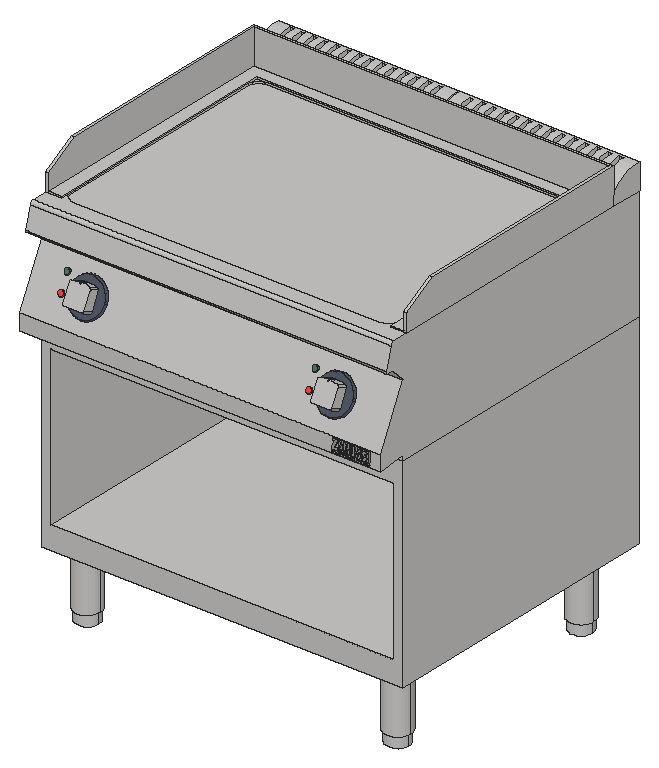
Revit family "QF_ZANUSSI_372324_Z7IIKABLMEA", category Specialty Equipment, Revit 2018
Family settings
  Round Connector Dimension = Use Diameter
  Part Type = Normal
  Work Plane-Based = No
  Always vertical = Yes
  Cut with Voids When Loaded = No
  Shared = No
  Room Calculation Point = No
Parameters (values of type "Standard")
  Weight = 80.00 kg
  Watts = 0 W
  Volts = 0 V
  URL Manufacturer = "http://www.zanussiprofessional.com"
  URL = "http://www.zanussiprofessional.com"
  Steam Supply Size = 0"
  Steam Supply Minimum Pressure = 0.00 psi
  Steam Supply Maximum Pressure = 0.00 psi
  Steam Pounds per Hour = 0
  Show Logo [instance] = yes
  Show Clearance [instance] = yes
  Refrigeration Suction Line Size = 0"
  Refrigeration Liquid Line Size = 0"
  Refrigerant Compressor Remote = yes
  Phase = 0
  Model = "Z7IIKABLMEA"
  Manufacturer = "Zanussi"
  Length Actual = 800 mm  # constant formula
  Item Number = "372324"
  Hot Water Size = 0"
  Height Actual = 850 mm  # constant formula
  HP = "0 HP"
  Gas Size = 1/2"
  Gas KW = 14
  Gas Input Pressure = 0.469158 Btu/h
  Direct Waste Size = 0"
  Description = "GAS FRY TOP-SMOOTH PLATE+OPEN BASE 800MM-BRUSHED CHROME"
  Depth Actual = 700 mm  # constant formula
  Cycle = 0 Hz
  Condensate Return Size = 0"
  Compressed Air Volume = 0 GPM
  Compressed Air Size = 0"
  Compressed Air Pressure = 0.00 psi
  Cold Water Size = 0"
  Assembly Code = ""
  Accessory = yes
Reference planes
  plane 1 "BACK": y = 0
  plane 2: z = 0
  plane 3 "LEFT": x = 0
  plane 4 "RIGHT": x = 800
  plane 5 "FRONT": y = -716
  plane 6 "TOP": z = 288.925
  plane 7 "Center Y": x = 400
  plane 8 "Center X": y = -358
  plane 9 "BASE": z = 600
  plane 10 "TOP A": z = 850
  plane 11: y = -597.884
  plane 12: y = -147.637
  plane 13: y = -700
  plane 14 "panel": through (-6096, -715, 65.146) normal (0, 0.8956, -0.4448)
  plane 15: z = 930
  plane 16: z = 850
  plane 17: z = 149
  plane 18: x = 748
  plane 19: y = -29
  plane 20: y = -506
Forms (mm)
  Extrusion 1, solid, material "QF_Finishes_Stainless Steel"
    sketch origin (0, 0, 576) x (0, 1, 0) y (0, 0, 1)
      loop
        line (0, 24) -> (0, 274) -> (-679.358, 274)
        arc (-679.358, 274) -> (-684.643, 271.811) -> (-686.833, 266.526) r 7.474
        line (-686.833, 266.526) -> (-699.884, 221.011)
        arc (-699.884, 221.011) -> (-699.396, 218.379) -> (-697, 217.184) r 3
        line (-697, 217.184) -> (-686.802, 217.184) -> (-654.982, 185.364) -> (-716, 64.508) -> (-716, 29.508) -> (-658.645, 37.428)
        arc (-658.645, 37.428) -> (-656.101, 36.674) -> (-655, 34.259) r 3.2
        line (-655, 34.259) -> (-655, 24) -> (0, 24)
    from 0 to 800
  Extrusion 2, void
    sketch origin (0, -2.381, 850) x (-1, 0, 0) y (0, -1, 0)
      loop
        arc (-60.425, 102.504) -> (-42.464, 109.943) -> (-35.025, 127.904) r 25.4
        line (-35.025, 127.904) -> (-35.025, 617.104)
        arc (-35.025, 617.104) -> (-42.464, 635.064) -> (-60.425, 642.504) r 25.4
        line (-60.425, 642.504) -> (-739.575, 642.504)
        arc (-739.575, 642.504) -> (-757.536, 635.064) -> (-764.975, 617.104) r 25.4
        line (-764.975, 617.104) -> (-764.975, 127.904)
        arc (-764.975, 127.904) -> (-757.536, 109.943) -> (-739.575, 102.504) r 25.4
        line (-739.575, 102.504) -> (-60.425, 102.504)
    from 0 to -3.2
  Extrusion 3, solid, material "QF_Finishes_Clearance", visible <- "Show Clearance", detail levels coarse
    sketch origin (0, 0, 576) x (1, 0, 0) y (0, 1, 0)
      loop
        line (0, -716) -> (0, 0) -> (800, 0) -> (800, -716) -> (900, -716) -> (900, 100) -> (-100, 100) -> (-100, -716) -> (0, -716)
    from -576 to 354
  Sweep 4, solid, material "QF_Finishes_Stainless Steel"
    path origin (0, -2.381, 850) x (-1, 0, 0) y (0, -1, 0)
      loop
        line (-764.975, 642.504) -> (-764.975, 102.504) -> (-35.025, 102.504) -> (-35.025, 642.504)
    profile origin (35.025, -374.885, 850) x (1, 0, 0) y (0, 0, 1)
      loop
        line (-35.025, 0) -> (0, 0) -> (0, 3.175) -> (-28.675, 3.175) -> (-28.675, 80) -> (-35.025, 80) -> (-35.025, 0)
  Extrusion 5, void
    sketch origin (0, -69.86, 850) x (0, 1, 0) y (0, 0, 1)
      loop
        line (-575.025, 40.119) -> (-501.995, 80) -> (-575.025, 80) -> (-575.025, 40.119)
    from 0 to 6.35
  Extrusion 6, void
    sketch origin (800, -644.885, 850) x (0, -1, 0) y (0, 0, 1)
      loop
        line (0, 40.119) -> (0, 80) -> (-73.03, 80) -> (0, 40.119)
    from 0 to 6.35
  Extrusion 7, solid, material "QF_Finishes_Stainless Steel"
    sketch origin (0, 0, 576) x (0, 1, 0) y (0, 0, 1)
      loop
        line (0, 274) -> (0, 331.492)
        arc (0, 331.492) -> (-38.8, 324.37) -> (-69.85, 300.038) r 82.447
        line (-69.85, 300.038) -> (-69.85, 274) -> (0, 274)
    from 0 to 400.05
  Extrusion 8, void
    sketch origin (0, 0, 850.638) x (0, -1, 0) y (1, 0, 0)
      loop
        line (6.761, 29.703) -> (63.911, 29.703) -> (63.911, 38.999) -> (6.761, 38.999) -> (6.761, 29.703)
      loop
        line (63.911, 64.487) -> (6.761, 64.487) -> (6.761, 55.191) -> (63.911, 55.191) -> (63.911, 64.487)
      loop
        line (63.911, 89.975) -> (6.761, 89.975) -> (6.761, 80.68) -> (63.911, 80.68) -> (63.911, 89.975)
      loop
        line (63.911, 115.464) -> (6.761, 115.464) -> (6.761, 106.168) -> (63.911, 106.168) -> (63.911, 115.464)
      loop
        line (63.911, 140.952) -> (6.761, 140.952) -> (6.761, 131.656) -> (63.911, 131.656) -> (63.911, 140.952)
      loop
        line (63.911, 166.44) -> (6.761, 166.44) -> (6.761, 157.145) -> (63.911, 157.145) -> (63.911, 166.44)
      loop
        line (63.911, 191.929) -> (6.761, 191.929) -> (6.761, 182.633) -> (63.911, 182.633) -> (63.911, 191.929)
      loop
        line (63.911, 217.417) -> (6.761, 217.417) -> (6.761, 208.121) -> (63.911, 208.121) -> (63.911, 217.417)
      loop
        line (63.911, 242.905) -> (6.761, 242.905) -> (6.761, 233.61) -> (63.911, 233.61) -> (63.911, 242.905)
      loop
        line (63.911, 268.394) -> (6.761, 268.394) -> (6.761, 259.098) -> (63.911, 259.098) -> (63.911, 268.394)
      loop
        line (63.911, 293.882) -> (6.761, 293.882) -> (6.761, 284.586) -> (63.911, 284.586) -> (63.911, 293.882)
      loop
        line (63.911, 319.37) -> (6.761, 319.37) -> (6.761, 310.075) -> (63.911, 310.075) -> (63.911, 319.37)
      loop
        line (63.911, 344.859) -> (6.761, 344.859) -> (6.761, 335.563) -> (63.911, 335.563) -> (63.911, 344.859)
      loop
        line (63.911, 370.347) -> (6.761, 370.347) -> (6.761, 361.051) -> (63.911, 361.051) -> (63.911, 370.347)
    from 25.4 to 63.5
  Extrusion 9, solid, material "QF_Finishes_Stainless Steel"
    sketch origin (400.05, 0, 576) x (0, 1, 0) y (0, 0, 1)
      loop
        line (0, 274) -> (0, 331.492)
        arc (0, 331.492) -> (-38.8, 324.37) -> (-69.85, 300.038) r 82.447
        line (-69.85, 300.038) -> (-69.85, 274) -> (0, 274)
    from 0 to 400.05
  Extrusion 10, void
    sketch origin (400.05, 0, 850.638) x (0, -1, 0) y (1, 0, 0)
      loop
        line (6.761, 29.653) -> (63.911, 29.653) -> (63.911, 38.949) -> (6.761, 38.949) -> (6.761, 29.653)
      loop
        line (63.911, 64.437) -> (6.761, 64.437) -> (6.761, 55.141) -> (63.911, 55.141) -> (63.911, 64.437)
      loop
        line (63.911, 89.925) -> (6.761, 89.925) -> (6.761, 80.63) -> (63.911, 80.63) -> (63.911, 89.925)
      loop
        line (63.911, 115.414) -> (6.761, 115.414) -> (6.761, 106.118) -> (63.911, 106.118) -> (63.911, 115.414)
      loop
        line (63.911, 140.902) -> (6.761, 140.902) -> (6.761, 131.606) -> (63.911, 131.606) -> (63.911, 140.902)
      loop
        line (63.911, 166.39) -> (6.761, 166.39) -> (6.761, 157.095) -> (63.911, 157.095) -> (63.911, 166.39)
      loop
        line (63.911, 191.879) -> (6.761, 191.879) -> (6.761, 182.583) -> (63.911, 182.583) -> (63.911, 191.879)
      loop
        line (63.911, 217.367) -> (6.761, 217.367) -> (6.761, 208.071) -> (63.911, 208.071) -> (63.911, 217.367)
      loop
        line (63.911, 242.855) -> (6.761, 242.855) -> (6.761, 233.56) -> (63.911, 233.56) -> (63.911, 242.855)
      loop
        line (63.911, 268.344) -> (6.761, 268.344) -> (6.761, 259.048) -> (63.911, 259.048) -> (63.911, 268.344)
      loop
        line (63.911, 293.832) -> (6.761, 293.832) -> (6.761, 284.536) -> (63.911, 284.536) -> (63.911, 293.832)
      loop
        line (63.911, 319.32) -> (6.761, 319.32) -> (6.761, 310.025) -> (63.911, 310.025) -> (63.911, 319.32)
      loop
        line (63.911, 344.809) -> (6.761, 344.809) -> (6.761, 335.513) -> (63.911, 335.513) -> (63.911, 344.809)
      loop
        line (63.911, 370.297) -> (6.761, 370.297) -> (6.761, 361.001) -> (63.911, 361.001) -> (63.911, 370.297)
    from 25.4 to 63.5
  Blend 11, solid, material "QF_Finishes_Navy Blue"
    base sketch origin (675, -684.991, 701.574) x (1, 0, 0) y (0, 0.444781, 0.895639)
      loop
        circle (0, 0) r 42.5
    top sketch origin (675, -684.991, 701.574) x (1, 0, 0) y (0, 0.444781, 0.895639)
      loop
        circle (0, 0) r 40.5
    from 0 to 5
  Extrusion 12, solid, material "QF_Finishes_Stainless Steel"
    sketch origin (675, -684.991, 701.574) x (1, 0, 0) y (0, 0.444781, 0.895639)
      loop
        arc (-21.147, 22.789) -> (-22.494, 21.685) -> (-23, 20.019) r 2.997
        line (-23, 20.019) -> (-23, -20.019)
        arc (-23, -20.019) -> (-22.122, -22.138) -> (-20.003, -23.016) r 2.997
        line (-20.003, -23.016) -> (20.003, -23.016)
        arc (20.003, -23.016) -> (22.122, -22.138) -> (23, -20.019) r 2.997
        line (23, -20.019) -> (23, 20.019)
        arc (23, 20.019) -> (22.494, 21.685) -> (21.147, 22.789) r 2.997
        arc (21.147, 22.789) -> (0, 26.984) -> (-21.147, 22.789) r 55.4
    from 10 to 34
  Extrusion 13, solid, material "QF_Plastic-Black-Matte"
    sketch origin (755, -684.991, 701.574) x (0, 0.444781, 0.895639) y (0, -0.895639, 0.444781)
      loop
        line (26.984, 34) -> (26.984, 19) -> (27.984, 19) -> (27.984, 34)
        arc (27.984, 34) -> (27.691, 34.707) -> (26.984, 35) r 1
        line (26.984, 35) -> (23.984, 35) -> (23.984, 34) -> (26.984, 34)
    from -81 to -79
  Extrusion 14, solid, material "QF_Finishes_Red"
    sketch origin (675, -689.439, 692.617) x (1, 0, 0) y (0, 0.444781, 0.895639)
      loop
        circle (-55.001, 0) r 6
    from 0 to 1.6
  Extrusion 15, solid, material "QF_Finishes_Stainless Steel"
    sketch origin (675, -684.991, 701.574) x (1, 0, 0) y (0, 0.444781, 0.895639)
      loop
        line (17.5, 17.5) -> (-17.5, 17.5) -> (-17.5, -17.5) -> (17.5, -17.5) -> (17.5, 17.5)
    from 5 to 10
  Extrusion 16, solid, material "QF_Finishes_DarkGreen"
    sketch origin (675, -671.648, 728.443) x (1, 0, 0) y (0, 0.444781, 0.895639)
      loop
        circle (-55.001, 0) r 6
    from 0 to 1.6
  Blend 17, solid, material "QF_Finishes_Navy Blue"
    base sketch origin (125, -684.991, 701.574) x (1, 0, 0) y (0, 0.444781, 0.895639)
      loop
        circle (0, 0) r 42.5
    top sketch origin (125, -684.991, 701.574) x (1, 0, 0) y (0, 0.444781, 0.895639)
      loop
        circle (0, 0) r 40.5
    from 0 to 5
  Extrusion 18, solid, material "QF_Finishes_Stainless Steel"
    sketch origin (125, -684.991, 701.574) x (1, 0, 0) y (0, 0.444781, 0.895639)
      loop
        arc (-21.147, 22.789) -> (-22.494, 21.685) -> (-23, 20.019) r 2.997
        line (-23, 20.019) -> (-23, -20.019)
        arc (-23, -20.019) -> (-22.122, -22.138) -> (-20.003, -23.016) r 2.997
        line (-20.003, -23.016) -> (20.003, -23.016)
        arc (20.003, -23.016) -> (22.122, -22.138) -> (23, -20.019) r 2.997
        line (23, -20.019) -> (23, 20.019)
        arc (23, 20.019) -> (22.494, 21.685) -> (21.147, 22.789) r 2.997
        arc (21.147, 22.789) -> (0, 26.984) -> (-21.147, 22.789) r 55.4
    from 10 to 34
  Extrusion 19, solid, material "QF_Plastic-Black-Matte"
    sketch origin (205, -684.991, 701.574) x (0, 0.444781, 0.895639) y (0, -0.895639, 0.444781)
      loop
        line (26.984, 34) -> (26.984, 19) -> (27.984, 19) -> (27.984, 34)
        arc (27.984, 34) -> (27.691, 34.707) -> (26.984, 35) r 1
        line (26.984, 35) -> (23.984, 35) -> (23.984, 34) -> (26.984, 34)
    from -81 to -79
  Extrusion 20, solid, material "QF_Finishes_Red"
    sketch origin (125, -689.439, 692.617) x (1, 0, 0) y (0, 0.444781, 0.895639)
      loop
        circle (-55.001, 0) r 6
    from 0 to 1.6
  Extrusion 21, solid, material "QF_Finishes_Stainless Steel"
    sketch origin (125, -684.991, 701.574) x (1, 0, 0) y (0, 0.444781, 0.895639)
      loop
        line (17.5, 17.5) -> (-17.5, 17.5) -> (-17.5, -17.5) -> (17.5, -17.5) -> (17.5, 17.5)
    from 5 to 10
  Extrusion 22, solid, material "QF_Finishes_DarkGreen"
    sketch origin (125, -671.648, 728.443) x (1, 0, 0) y (0, 0.444781, 0.895639)
      loop
        circle (-55.001, 0) r 6
    from 0 to 1.6
  Extrusion 23, solid, material "QF_Finishes_Stainless Steel"
    sketch origin (0, 0, 0) x (1, 0, 0) y (0, 1, 0)
      loop
        line (0, 0) -> (0, -655) -> (800, -655) -> (800, 0) -> (0, 0)
    from 149 to 600
  Extrusion 24, void
    sketch origin (830.077, -655, 0) x (1, 0, 0) y (0, 0, -1)
      loop
        line (-810.077, -199) -> (-810.077, -550) -> (-50.077, -550) -> (-50.077, -199) -> (-810.077, -199)
    from 0 to 507.362
  Extrusion 25, solid, material "QF_Finishes_Stainless Steel"
    sketch origin (0, 0, 139) x (1, 0, 0) y (0, 1, 0)
      loop
        circle (748, -506) r 10
    from 0 to 10
Cuts and joins
  Extrusion 2 cuts Extrusion 1
  Extrusion 5, Extrusion 6 cuts Sweep 4
  Extrusion 8 cuts Extrusion 7
  Extrusion 10 cuts Extrusion 9
  Extrusion 24 cuts Extrusion 23
Lines and regions (mm)
  Split face 1
    outline origin (676.664, -684.796, 713.208) x (1, 0, 0) y (0, 0.444781, 0.895639)
      loop
        circle (-34, 0) r 1.5
  Split face 2
    outline origin (673.297, -687.581, 707.6) x (1, 0, 0) y (0, 0.444781, 0.895639)
      loop
        circle (-30.633, -14.752) r 1.5
  Split face 3
    outline origin (676.214, -689.88, 702.97) x (1, 0, 0) y (0, 0.444781, 0.895639)
      loop
        circle (-21.199, -26.582) r 1.5
  Split face 4
    outline origin (682.566, -689.848, 703.034) x (1, 0, 0) y (0, 0.444781, 0.895639)
      loop
        circle (-7.566, -33.148) r 1.5
  Split face 5
    outline origin (687.419, -686.96, 708.85) x (1, 0, 0) y (0, 0.444781, 0.895639)
      loop
        circle (7.566, -33.148) r 1.5
  Split face 6
    outline origin (686.137, -682.319, 718.196) x (1, 0, 0) y (0, 0.444781, 0.895639)
      loop
        circle (21.199, -26.582) r 1.5
  Split face 7
    outline origin (676.5, -678.264, 726.361) x (1, 0, 0) y (0, 0.444781, 0.895639)
      loop
        circle (30.633, -14.752) r 1.5
  Split face 8
    outline origin (660.985, -677.235, 728.433) x (1, 0, 0) y (0, 0.444781, 0.895639)
      loop
        circle (34, 0) r 1.5
  Split face 9
    outline origin (675, -689.469, 703.797) x (1, 0, 0) y (0, 0.444781, 0.895639)
      loop
        circle (0, 33.561) r 1.5
  Split face 10
    outline origin (126.664, -684.796, 713.208) x (1, 0, 0) y (0, 0.444781, 0.895639)
      loop
        circle (-34, 0) r 1.5
  Split face 11
    outline origin (123.297, -687.581, 707.6) x (1, 0, 0) y (0, 0.444781, 0.895639)
      loop
        circle (-30.633, -14.752) r 1.5
  Split face 12
    outline origin (126.214, -689.88, 702.97) x (1, 0, 0) y (0, 0.444781, 0.895639)
      loop
        circle (-21.199, -26.582) r 1.5
  Split face 13
    outline origin (132.566, -689.848, 703.034) x (1, 0, 0) y (0, 0.444781, 0.895639)
      loop
        circle (-7.566, -33.148) r 1.5
  Split face 14
    outline origin (137.419, -686.96, 708.85) x (1, 0, 0) y (0, 0.444781, 0.895639)
      loop
        circle (7.566, -33.148) r 1.5
  Split face 15
    outline origin (136.137, -682.319, 718.196) x (1, 0, 0) y (0, 0.444781, 0.895639)
      loop
        circle (21.199, -26.582) r 1.5
  Split face 16
    outline origin (126.5, -678.264, 726.361) x (1, 0, 0) y (0, 0.444781, 0.895639)
      loop
        circle (30.633, -14.752) r 1.5
  Split face 17
    outline origin (110.985, -677.235, 728.433) x (1, 0, 0) y (0, 0.444781, 0.895639)
      loop
        circle (34, 0) r 1.5
  Split face 18
    outline origin (125, -689.469, 703.797) x (1, 0, 0) y (0, 0.444781, 0.895639)
      loop
        circle (0, 33.561) r 1.5
  symbolic lines, style "QF-Clearances", visible <- "Show Clearance", detail levels coarse
    curve 1: line (-100, 100, 850) -> (-100, -716, 850)
    curve 2: line (900, 100, 850) -> (-100, 100, 850)
    curve 3: line (900, -717.377, 850) -> (900, 100, 850)
  symbolic lines
    curve 4: line (0, 0, 850) -> (800, 0, 850)
    curve 5: line (0, -716, 850) -> (0, 0, 850)
    curve 6: line (800, 0, 850) -> (800, -716, 850)
    curve 7: line (35.025, -104.885, 850) -> (35.025, -644.885, 850)
    curve 8: arc (35.025, -619.485, 850) -> (42.464, -637.445, 850) -> (60.425, -644.885, 850) r 25.4
    curve 9: line (0, -644.885, 850) -> (35.025, -644.885, 850)
    curve 10: arc (739.215, -644.885, 850) -> (757.736, -637.213, 850) -> (765.407, -618.692, 850) r 26.193
    curve 11: line (765.407, -644.885, 850) -> (765.407, -104.885, 850)
    curve 12: line (765.407, -104.885, 850) -> (35.025, -104.885, 850)
    curve 13: line (0, -69.85, 850) -> (800, -69.85, 850)
    curve 14: arc (64.125, -104.885, 850) -> (43.548, -113.408, 850) -> (35.025, -133.985, 850) r 29.1
    curve 15: arc (739.863, -104.885, 850) -> (757.926, -112.367, 850) -> (765.407, -130.429, 850) r 25.544
    curve 16: line (6.35, -76.21, 850) -> (6.35, -644.885, 850)
    curve 17: line (6.35, -76.21, 850) -> (793.65, -76.21, 850)
    curve 18: line (793.65, -76.21, 850) -> (793.65, -644.885, 850)
    curve 19: line (765.407, -644.885, 850) -> (800, -644.885, 850)
    curve 20: line (60.425, -644.885, 850) -> (739.215, -644.885, 850)
    curve 21: line (0, 0, 274.638) -> (800, 0, 274.638)
    curve 22: line (0, -69.85, 274.638) -> (800, -69.85, 274.638)
    curve 23: line (29.703, -6.761, 0) -> (38.999, -6.761, 0)
    curve 24: line (29.703, -63.911, 0) -> (29.703, -6.761, 0)
    curve 25: line (38.999, -63.911, 0) -> (29.703, -63.911, 0)
    curve 26: line (38.999, -6.761, 0) -> (38.999, -63.911, 0)
    curve 27: line (55.191, -6.761, 0) -> (64.487, -6.761, 0)
    curve 28: line (55.191, -63.911, 0) -> (55.191, -6.761, 0)
    curve 29: line (64.487, -63.911, 0) -> (55.191, -63.911, 0)
    curve 30: line (64.487, -6.761, 0) -> (64.487, -63.911, 0)
    curve 31: line (80.68, -6.761, 0) -> (89.975, -6.761, 0)
    curve 32: line (80.68, -63.911, 0) -> (80.68, -6.761, 0)
    curve 33: line (89.975, -63.911, 0) -> (80.68, -63.911, 0)
    curve 34: line (89.975, -6.761, 0) -> (89.975, -63.911, 0)
    curve 35: line (106.168, -6.761, 0) -> (115.464, -6.761, 0)
    curve 36: line (106.168, -63.911, 0) -> (106.168, -6.761, 0)
    curve 37: line (115.464, -63.911, 0) -> (106.168, -63.911, 0)
    curve 38: line (115.464, -6.761, 0) -> (115.464, -63.911, 0)
    curve 39: line (131.656, -6.761, 0) -> (140.952, -6.761, 0)
    curve 40: line (131.656, -63.911, 0) -> (131.656, -6.761, 0)
    curve 41: line (140.952, -63.911, 0) -> (131.656, -63.911, 0)
    curve 42: line (140.952, -6.761, 0) -> (140.952, -63.911, 0)
    curve 43: line (157.145, -6.761, 0) -> (166.44, -6.761, 0)
    curve 44: line (157.145, -63.911, 0) -> (157.145, -6.761, 0)
    curve 45: line (166.44, -63.911, 0) -> (157.145, -63.911, 0)
    curve 46: line (166.44, -6.761, 0) -> (166.44, -63.911, 0)
    curve 47: line (182.633, -6.761, 0) -> (191.929, -6.761, 0)
    curve 48: line (182.633, -63.911, 0) -> (182.633, -6.761, 0)
    curve 49: line (191.929, -63.911, 0) -> (182.633, -63.911, 0)
    curve 50: line (191.929, -6.761, 0) -> (191.929, -63.911, 0)
    curve 51: line (208.121, -6.761, 0) -> (217.417, -6.761, 0)
    curve 52: line (208.121, -63.911, 0) -> (208.121, -6.761, 0)
    curve 53: line (217.417, -63.911, 0) -> (208.121, -63.911, 0)
    curve 54: line (217.417, -6.761, 0) -> (217.417, -63.911, 0)
    curve 55: line (233.61, -6.761, 0) -> (242.905, -6.761, 0)
    curve 56: line (233.61, -63.911, 0) -> (233.61, -6.761, 0)
    curve 57: line (242.905, -63.911, 0) -> (233.61, -63.911, 0)
    curve 58: line (242.905, -6.761, 0) -> (242.905, -63.911, 0)
    curve 59: line (259.098, -6.761, 0) -> (268.394, -6.761, 0)
    curve 60: line (259.098, -63.911, 0) -> (259.098, -6.761, 0)
    curve 61: line (268.394, -63.911, 0) -> (259.098, -63.911, 0)
    curve 62: line (268.394, -6.761, 0) -> (268.394, -63.911, 0)
    curve 63: line (284.586, -6.761, 0) -> (293.882, -6.761, 0)
    curve 64: line (284.586, -63.911, 0) -> (284.586, -6.761, 0)
    curve 65: line (293.882, -63.911, 0) -> (284.586, -63.911, 0)
    curve 66: line (293.882, -6.761, 0) -> (293.882, -63.911, 0)
    curve 67: line (310.075, -6.761, 0) -> (319.37, -6.761, 0)
    curve 68: line (310.075, -63.911, 0) -> (310.075, -6.761, 0)
    curve 69: line (319.37, -63.911, 0) -> (310.075, -63.911, 0)
    curve 70: line (319.37, -6.761, 0) -> (319.37, -63.911, 0)
    curve 71: line (335.563, -6.761, 0) -> (344.859, -6.761, 0)
    curve 72: line (335.563, -63.911, 0) -> (335.563, -6.761, 0)
    curve 73: line (344.859, -63.911, 0) -> (335.563, -63.911, 0)
    curve 74: line (344.859, -6.761, 0) -> (344.859, -63.911, 0)
    curve 75: line (361.051, -6.761, 0) -> (370.347, -6.761, 0)
    curve 76: line (361.051, -63.911, 0) -> (361.051, -6.761, 0)
    curve 77: line (370.347, -63.911, 0) -> (361.051, -63.911, 0)
    curve 78: line (370.347, -6.761, 0) -> (370.347, -63.911, 0)
    curve 79: line (400, 0, 0) -> (400, -69.85, 0)
    curve 80: line (770.347, -6.761, 0) -> (761.051, -6.761, 0)
    curve 81: line (770.347, -63.911, 0) -> (770.347, -6.761, 0)
    curve 82: line (761.051, -63.911, 0) -> (770.347, -63.911, 0)
    curve 83: line (761.051, -6.761, 0) -> (761.051, -63.911, 0)
    curve 84: line (744.859, -6.761, 0) -> (735.563, -6.761, 0)
    curve 85: line (744.859, -63.911, 0) -> (744.859, -6.761, 0)
    curve 86: line (735.563, -63.911, 0) -> (744.859, -63.911, 0)
    curve 87: line (735.563, -6.761, 0) -> (735.563, -63.911, 0)
    curve 88: line (719.37, -6.761, 0) -> (710.075, -6.761, 0)
    curve 89: line (719.37, -63.911, 0) -> (719.37, -6.761, 0)
    curve 90: line (710.075, -63.911, 0) -> (719.37, -63.911, 0)
    curve 91: line (710.075, -6.761, 0) -> (710.075, -63.911, 0)
    curve 92: line (693.882, -6.761, 0) -> (684.586, -6.761, 0)
    curve 93: line (693.882, -63.911, 0) -> (693.882, -6.761, 0)
    curve 94: line (684.586, -63.911, 0) -> (693.882, -63.911, 0)
    curve 95: line (684.586, -6.761, 0) -> (684.586, -63.911, 0)
    curve 96: line (668.394, -6.761, 0) -> (659.098, -6.761, 0)
    curve 97: line (668.394, -63.911, 0) -> (668.394, -6.761, 0)
    curve 98: line (659.098, -63.911, 0) -> (668.394, -63.911, 0)
    curve 99: line (659.098, -6.761, 0) -> (659.098, -63.911, 0)
    curve 100: line (642.905, -6.761, 0) -> (633.61, -6.761, 0)
    curve 101: line (642.905, -63.911, 0) -> (642.905, -6.761, 0)
    curve 102: line (633.61, -63.911, 0) -> (642.905, -63.911, 0)
    curve 103: line (633.61, -6.761, 0) -> (633.61, -63.911, 0)
    curve 104: line (617.417, -6.761, 0) -> (608.121, -6.761, 0)
    curve 105: line (617.417, -63.911, 0) -> (617.417, -6.761, 0)
    curve 106: line (608.121, -63.911, 0) -> (617.417, -63.911, 0)
    curve 107: line (608.121, -6.761, 0) -> (608.121, -63.911, 0)
    curve 108: line (591.929, -6.761, 0) -> (582.633, -6.761, 0)
    curve 109: line (591.929, -63.911, 0) -> (591.929, -6.761, 0)
    curve 110: line (582.633, -63.911, 0) -> (591.929, -63.911, 0)
    curve 111: line (582.633, -6.761, 0) -> (582.633, -63.911, 0)
    curve 112: line (566.44, -6.761, 0) -> (557.145, -6.761, 0)
    curve 113: line (566.44, -63.911, 0) -> (566.44, -6.761, 0)
    curve 114: line (557.145, -63.911, 0) -> (566.44, -63.911, 0)
    curve 115: line (557.145, -6.761, 0) -> (557.145, -63.911, 0)
    curve 116: line (540.952, -6.761, 0) -> (531.656, -6.761, 0)
    curve 117: line (540.952, -63.911, 0) -> (540.952, -6.761, 0)
    curve 118: line (531.656, -63.911, 0) -> (540.952, -63.911, 0)
    curve 119: line (531.656, -6.761, 0) -> (531.656, -63.911, 0)
    curve 120: line (515.464, -6.761, 0) -> (506.168, -6.761, 0)
    curve 121: line (515.464, -63.911, 0) -> (515.464, -6.761, 0)
    curve 122: line (506.168, -63.911, 0) -> (515.464, -63.911, 0)
    curve 123: line (506.168, -6.761, 0) -> (506.168, -63.911, 0)
    curve 124: line (489.975, -6.761, 0) -> (480.68, -6.761, 0)
    curve 125: line (489.975, -63.911, 0) -> (489.975, -6.761, 0)
    curve 126: line (480.68, -63.911, 0) -> (489.975, -63.911, 0)
    curve 127: line (480.68, -6.761, 0) -> (480.68, -63.911, 0)
    curve 128: line (464.487, -6.761, 0) -> (455.191, -6.761, 0)
    curve 129: line (464.487, -63.911, 0) -> (464.487, -6.761, 0)
    curve 130: line (455.191, -63.911, 0) -> (464.487, -63.911, 0)
    curve 131: line (455.191, -6.761, 0) -> (455.191, -63.911, 0)
    curve 132: line (438.999, -6.761, 0) -> (429.703, -6.761, 0)
    curve 133: line (438.999, -63.911, 0) -> (438.999, -6.761, 0)
    curve 134: line (429.703, -63.911, 0) -> (438.999, -63.911, 0)
    curve 135: line (429.703, -6.761, 0) -> (429.703, -63.911, 0)
    curve 136: line (0, -700, 0) -> (800, -700, 0)
    curve 137: line (698, -700, 0) -> (698, -725.347, 0)
    curve 138: arc (698, -725.347, 0) -> (697.854, -725.811, 0) -> (697.468, -726.107, 0) r 0.809
    curve 139: arc (697.468, -726.107, 0) -> (696.28, -726.587, 0) -> (695.003, -726.68, 0) r 4.127
    curve 140: arc (698, -704.292, 0) -> (703.041, -702.458, 0) -> (707.809, -700, 0) r 42.24
    curve 141: arc (698, -706.539, 0) -> (697.498, -705.818, 0) -> (696.701, -705.448, 0) r 1.682
    curve 142: arc (696.701, -705.448, 0) -> (686.397, -703.964, 0) -> (676, -703.459, 0) r 110.06
    curve 143: line (676, -700, 0) -> (676, -705.671, 0)
    curve 144: line (676, -705.671, 0) -> (674, -705.671, 0)
    curve 145: line (674, -705.671, 0) -> (674, -700, 0)
    curve 146: line (652, -700, 0) -> (652, -725.347, 0)
    curve 147: arc (652, -725.347, 0) -> (652.146, -725.811, 0) -> (652.532, -726.107, 0) r 0.809
    curve 148: arc (652.532, -726.107, 0) -> (653.72, -726.587, 0) -> (654.997, -726.68, 0) r 4.127
    curve 149: arc (652, -704.292, 0) -> (646.959, -702.458, 0) -> (642.191, -700, 0) r 42.24
    curve 150: arc (652, -706.539, 0) -> (652.502, -705.818, 0) -> (653.299, -705.448, 0) r 1.682
    curve 151: arc (653.299, -705.448, 0) -> (663.603, -703.964, 0) -> (674, -703.459, 0) r 110.06
    curve 152: line (695.003, -726.68, 0) -> (654.997, -726.68, 0)
    curve 153: line (148, -716, 0) -> (652, -716, 0)
    curve 154: line (698, -716, 0) -> (800, -716, 0)
    curve 155: line (148, -700, 0) -> (148, -725.347, 0)
    curve 156: arc (148, -725.347, 0) -> (147.854, -725.811, 0) -> (147.468, -726.107, 0) r 0.809
    curve 157: arc (147.468, -726.107, 0) -> (146.28, -726.587, 0) -> (145.003, -726.68, 0) r 4.127
    curve 158: arc (148, -704.292, 0) -> (153.041, -702.458, 0) -> (157.809, -700, 0) r 42.24
    curve 159: arc (148, -706.539, 0) -> (147.498, -705.818, 0) -> (146.701, -705.448, 0) r 1.682
    curve 160: arc (146.701, -705.448, 0) -> (136.397, -703.964, 0) -> (126, -703.459, 0) r 110.06
    curve 161: line (126, -700, 0) -> (126, -705.671, 0)
    curve 162: line (126, -705.671, 0) -> (124, -705.671, 0)
    curve 163: line (124, -705.671, 0) -> (124, -700, 0)
    curve 164: line (102, -700, 0) -> (102, -725.347, 0)
    curve 165: arc (102, -725.347, 0) -> (102.146, -725.811, 0) -> (102.532, -726.107, 0) r 0.809
    curve 166: arc (102.532, -726.107, 0) -> (103.72, -726.587, 0) -> (104.997, -726.68, 0) r 4.127
    curve 167: arc (102, -704.292, 0) -> (96.959, -702.458, 0) -> (92.191, -700, 0) r 42.24
    curve 168: arc (102, -706.539, 0) -> (102.502, -705.818, 0) -> (103.299, -705.448, 0) r 1.682
    curve 169: arc (103.299, -705.448, 0) -> (113.603, -703.964, 0) -> (124, -703.459, 0) r 110.06
    curve 170: line (145.003, -726.68, 0) -> (104.997, -726.68, 0)
    curve 171: line (102, -716, 0) -> (0, -716, 0)
  symbolic lines, style "QF-Clearances"
    curve 172: line (-100, -716, 0) -> (0, -716, 0)
    curve 173: line (800, -716, 0) -> (900, -716, 0)
Dimensions and locks
  equal spacing: plane 3 "LEFT", plane 7 "Center Y", plane 4 "RIGHT"
  plane 3 "LEFT" to plane 4 "RIGHT" = 800 mm
  equal spacing: plane 5 "FRONT", plane 8 "Center X", plane 1 "BACK"
  plane 5 "FRONT" to plane 1 "BACK" = 716 mm
  plane 1 "BACK" to plane 5 "FRONT" = 716 mm
  Sweep 4 sketch curve to level = 930 mm
  plane 10 "TOP A" to plane 9 "BASE" = 250 mm  (x2)
  plane 9 "BASE" to level = 600 mm
  plane 1 "BACK" to plane 13 = 700 mm
  plane 15 to level = 930 mm
  plane 16 to level = 850 mm
  plane 16 to plane 17 to level = 701 mm, 149 mm
  nested 1 to plane 3 "LEFT" = 56 mm
  nested 2 to nested 1 = 688 mm
  plane 1 "BACK" to nested 1 = 91 mm
  nested 1 to nested 3 = 509 mm
  plane 1 "BACK" to Extrusion 23 = 655 mm
  plane 18 to plane 4 "RIGHT" = 52 mm
  plane 20 to plane 19 to plane 1 "BACK" = 477 mm, 29 mm
  aligned and locked: level to plane 2
  aligned and locked: plane 4 "RIGHT" to Extrusion 1
  aligned: plane 6 "TOP" to Extrusion 3
  aligned and locked: Extrusion 23 sketch curve to cut or joined group of Extrusion 1, Extrusion 2  (x3)
  aligned and locked: Extrusion 23 to plane 17
Automatic sketch dimensions
  Extrusion 1 sketch curve to plane 5 "FRONT" = 0 mm
  Extrusion 1 sketch curve to plane 10 "TOP A" = 0 mm
  Extrusion 1 sketch curve to plane 9 "BASE" = 0 mm
  Extrusion 1 sketch curve to plane 1 "BACK" = 0 mm
  Extrusion 1 sketch curve to plane 13 = 0.116 mm
  Extrusion 1 sketch curve to plane 13 = 3 mm
  Extrusion 1 sketch curve to plane 10 "TOP A" = 7.474 mm
  Extrusion 1 sketch curve to plane 13 = 13.167 mm
  Extrusion 1 sketch curve to Extrusion 1 sketch curve = 10.198 mm
  plane 9 "BASE" to Extrusion 1 sketch curve = 13.428 mm
  Extrusion 1 sketch curve to plane 13 = 41.355 mm
  Extrusion 1 sketch curve to Extrusion 1 sketch curve = 0.445 mm
  Extrusion 1 sketch curve to Extrusion 1 sketch curve = 3.2 mm
  Extrusion 1 sketch curve to Extrusion 1 sketch curve = 31.82 mm
  plane 9 "BASE" to Extrusion 1 sketch curve = 5.508 mm
  Extrusion 1 sketch curve to Extrusion 1 sketch curve = 35 mm
  Extrusion 1 sketch curve to Extrusion 1 sketch curve = 81.162 mm
  Extrusion 1 sketch curve to Extrusion 1 sketch curve = 49.342 mm
  Extrusion 1 sketch curve to Extrusion 1 sketch curve = 3 mm
  Extrusion 2 sketch curve to plane 4 "RIGHT" = 35.025 mm
  Extrusion 2 sketch curve to Extrusion 2 sketch curve = 25.4 mm  (x3)
  Extrusion 2 sketch curve to plane 12 = 17.353 mm
  plane 3 "LEFT" to Extrusion 2 sketch curve = 60.425 mm  (x2)
  plane 11 to Extrusion 2 sketch curve = 21.6 mm
  plane 5 "FRONT" to Extrusion 3 sketch curve = 0 mm  (x2)
  plane 1 "BACK" to Extrusion 3 sketch curve = 0 mm
  Extrusion 3 sketch curve to plane 3 "LEFT" = 0 mm
  Extrusion 3 sketch curve to plane 4 "RIGHT" = 0 mm
  Extrusion 3 sketch curve to plane 3 "LEFT" = 100 mm
  plane 4 "RIGHT" to Extrusion 3 sketch curve = 100 mm
  Extrusion 3 sketch curve to plane 1 "BACK" = 100 mm
  Sweep 4 sketch curve to plane 4 "RIGHT" = 35.025 mm
  plane 3 "LEFT" to Sweep 4 sketch curve = 35.025 mm
  Sweep 4 sketch curve to plane 12 = 42.753 mm
  plane 11 to Sweep 4 sketch curve = 47 mm  (x2)
  Extrusion 5 sketch curve to Sweep 4 = 0 mm  (x2)
  Extrusion 5 sketch curve to Extrusion 5 sketch curve = 73.03 mm
  Extrusion 5 sketch curve to Extrusion 5 sketch curve = 39.881 mm
  Sweep 4 to Extrusion 6 sketch curve = 0 mm
  Extrusion 6 sketch curve to Sweep 4 = 0 mm
  Extrusion 6 sketch curve to Extrusion 6 sketch curve = 73.03 mm
  Extrusion 6 sketch curve to Extrusion 6 sketch curve = 39.881 mm
  Extrusion 7 sketch curve to plane 10 "TOP A" = 0 mm
  Extrusion 7 sketch curve to plane 1 "BACK" = 0 mm
  plane 1 "BACK" to Extrusion 7 sketch curve = 4.947 mm
  plane 6 "TOP" to Extrusion 7 sketch curve = 587.113 mm
  plane 1 "BACK" to Extrusion 7 sketch curve = 69.85 mm
  Extrusion 7 sketch curve to plane 10 "TOP A" = 24.807 mm
  plane 1 "BACK" to Extrusion 8 sketch curve = 6.761 mm  (x14)
  Extrusion 8 sketch curve to Extrusion 8 sketch curve = 57.15 mm
  Extrusion 8 sketch curve to Extrusion 8 sketch curve = 0 mm  (x13)
  plane 3 "LEFT" to Extrusion 8 sketch curve = 29.703 mm
  Extrusion 8 sketch curve to Extrusion 8 sketch curve = 9.296 mm  (x14)
  Extrusion 8 sketch curve to Extrusion 8 sketch curve = 16.193 mm  (x13)
  Extrusion 9 sketch curve to plane 10 "TOP A" = 0 mm
  Extrusion 9 sketch curve to plane 1 "BACK" = 0 mm
  plane 1 "BACK" to Extrusion 9 sketch curve = 4.947 mm
  plane 6 "TOP" to Extrusion 9 sketch curve = 587.113 mm
  plane 1 "BACK" to Extrusion 9 sketch curve = 69.85 mm
  Extrusion 9 sketch curve to plane 10 "TOP A" = 24.807 mm
  plane 1 "BACK" to Extrusion 10 sketch curve = 6.761 mm  (x14)
  Extrusion 10 sketch curve to Extrusion 10 sketch curve = 57.15 mm
  Extrusion 10 sketch curve to Extrusion 10 sketch curve = 0 mm  (x13)
  plane 7 "Center Y" to Extrusion 10 sketch curve = 29.703 mm
  Extrusion 10 sketch curve to Extrusion 10 sketch curve = 9.296 mm  (x14)
  Extrusion 10 sketch curve to Extrusion 10 sketch curve = 16.193 mm  (x13)
  plane 1 "BACK" to curve 21 = 0 mm
  curve 21 to plane 4 "RIGHT" = 0 mm
  curve 22 to plane 4 "RIGHT" = 0 mm
  curve 22 to plane 3 "LEFT" = 0 mm
  curve 21 to plane 3 "LEFT" = 0 mm
  curve 21 to curve 22 = 69.85 mm
  Blend 11 sketch curve to plane 4 "RIGHT" = 125 mm  (x2)
  Extrusion 12 sketch curve to plane 4 "RIGHT" = 148 mm
  Extrusion 12 sketch curve to Extrusion 12 sketch curve = 2.997 mm  (x3)
  Extrusion 12 sketch curve to Extrusion 12 sketch curve = 20.003 mm  (x2)
  Extrusion 12 sketch curve to Extrusion 12 sketch curve = 40.005 mm
  Extrusion 12 sketch curve to Extrusion 12 sketch curve = 5.399 mm
  Extrusion 12 sketch curve to Extrusion 12 sketch curve = 40.037 mm
  Extrusion 12 sketch curve to Extrusion 12 sketch curve = 0 mm  (x2)
  Extrusion 13 sketch curve to plane 14 "panel" = 291.194 mm
  plane 13 to Extrusion 13 sketch curve = 5.671 mm
  Extrusion 13 sketch curve to Extrusion 13 sketch curve = 3 mm
  Extrusion 13 sketch curve to Extrusion 13 sketch curve = 0 mm  (x2)
  Extrusion 13 sketch curve to Extrusion 13 sketch curve = 1 mm
  Extrusion 13 sketch curve to Extrusion 13 sketch curve = 15 mm
  Extrusion 14 sketch curve to plane 4 "RIGHT" = 180.001 mm
  Extrusion 15 sketch curve to plane 4 "RIGHT" = 142.5 mm
  Extrusion 15 sketch curve to Extrusion 15 sketch curve = 35 mm  (x2)
  Extrusion 16 sketch curve to plane 4 "RIGHT" = 180.001 mm
  plane 3 "LEFT" to Blend 17 sketch curve = 125 mm  (x2)
  plane 3 "LEFT" to Extrusion 18 sketch curve = 125 mm
  plane 3 "LEFT" to Extrusion 18 sketch curve = 104.997 mm  (x2)
  Extrusion 18 sketch curve to Extrusion 18 sketch curve = 2.997 mm  (x2)
  plane 3 "LEFT" to Extrusion 18 sketch curve = 145.003 mm  (x2)
  Extrusion 18 sketch curve to Extrusion 18 sketch curve = 5.399 mm
  Extrusion 18 sketch curve to Extrusion 18 sketch curve = 40.037 mm
  Extrusion 18 sketch curve to Extrusion 18 sketch curve = 0 mm  (x2)
  Extrusion 19 sketch curve to plane 14 "panel" = 291.194 mm
  plane 13 to Extrusion 19 sketch curve = 5.671 mm
  Extrusion 19 sketch curve to Extrusion 19 sketch curve = 3 mm
  Extrusion 19 sketch curve to Extrusion 19 sketch curve = 0 mm  (x2)
  Extrusion 19 sketch curve to Extrusion 19 sketch curve = 1 mm
  Extrusion 19 sketch curve to Extrusion 19 sketch curve = 15 mm
  plane 3 "LEFT" to Extrusion 20 sketch curve = 69.999 mm
  plane 3 "LEFT" to Extrusion 21 sketch curve = 107.5 mm
  plane 3 "LEFT" to Extrusion 21 sketch curve = 142.5 mm
  Extrusion 21 sketch curve to Extrusion 21 sketch curve = 35 mm
  plane 3 "LEFT" to Extrusion 22 sketch curve = 69.999 mm
  Sweep 4 sketch curve to profile plane = 0 mm
  profile plane to Sweep 4 sketch curve = 0 mm
  profile plane to Sweep 4 sketch curve = 28.675 mm
  Sweep 4 sketch curve to Sweep 4 sketch curve = 6.35 mm
  profile plane to Sweep 4 sketch curve = 3.175 mm
  plane 1 "BACK" to curve 6 = 0 mm
  curve 6 to plane 4 "RIGHT" = 0 mm
  curve 13 to plane 3 "LEFT" = 0 mm
  plane 5 "FRONT" to curve 1 = 0 mm
  plane 5 "FRONT" to curve 5 = 0 mm
  plane 5 "FRONT" to curve 6 = 0 mm
  plane 4 "RIGHT" to curve 3 = 100 mm
  curve 17 to plane 4 "RIGHT" = 6.35 mm
  curve 11 to plane 4 "RIGHT" = 34.593 mm
  curve 15 to plane 12 = 17.209 mm
  curve 15 to curve 15 = 25.544 mm
  plane 11 to curve 10 = 20.807 mm
  curve 10 to curve 10 = 26.193 mm
  curve 14 to plane 12 = 13.653 mm
  plane 3 "LEFT" to curve 14 = 64.125 mm
  curve 20 to curve 7 = 25.4 mm
  plane 3 "LEFT" to curve 16 = 6.35 mm
  curve 2 to plane 3 "LEFT" = 100 mm
  curve 1 to plane 1 "BACK" = 100 mm
  curve 17 to curve 11 = 28.675 mm
  curve 8 to curve 7 = 25.4 mm
  curve 10 to curve 19 = 26.193 mm
  curve 13 to curve 17 = 6.36 mm
  plane 5 "FRONT" to curve 3 = 1.377 mm
  plane 5 "FRONT" to curve 172 = 0 mm
  curve 172 to plane 3 "LEFT" = 0 mm
  curve 136 to plane 3 "LEFT" = 0 mm
  plane 13 to curve 167 = 0 mm
  plane 5 "FRONT" to curve 153 = 0 mm
  curve 79 to plane 7 "Center Y" = 0 mm
  plane 5 "FRONT" to curve 154 = 0 mm
  curve 136 to plane 4 "RIGHT" = 0 mm
  curve 173 to plane 4 "RIGHT" = 0 mm
  plane 1 "BACK" to curve 79 = 0 mm
  plane 3 "LEFT" to curve 25 = 29.703 mm
  curve 23 to curve 26 = 9.296 mm
  curve 25 to curve 29 = 16.193 mm
  curve 27 to curve 30 = 9.296 mm
  curve 29 to curve 33 = 16.193 mm
  curve 31 to curve 34 = 9.296 mm
  plane 5 "FRONT" to curve 164 = 9.347 mm
  plane 3 "LEFT" to curve 164 = 102 mm
  curve 164 to curve 165 = 0.809 mm
  curve 168 to curve 168 = 1.583 mm
  curve 165 to curve 166 = 1.846 mm
  curve 165 to curve 170 = 2.189 mm
  curve 33 to curve 37 = 16.193 mm
  curve 164 to curve 167 = 11.892 mm
  curve 36 to curve 37 = 9.296 mm
  plane 13 to curve 163 = 5.671 mm
  curve 168 to curve 163 = 20.417 mm
  curve 166 to curve 169 = 19.134 mm
  curve 169 to curve 160 = 1.738 mm
  curve 162 to curve 162 = 2 mm
  curve 37 to curve 40 = 16.193 mm
  curve 167 to curve 158 = 22.215 mm
  curve 39 to curve 42 = 9.296 mm
  curve 161 to curve 170 = 19.003 mm
  curve 157 to curve 157 = 0.343 mm
  plane 13 to curve 159 = 7.106 mm
  curve 157 to curve 159 = 1.071 mm
  curve 157 to curve 156 = 2.189 mm
  curve 156 to curve 155 = 0.809 mm
  plane 1 "BACK" to curve 43 = 6.761 mm
  curve 39 to curve 43 = 16.193 mm
  curve 44 to curve 45 = 9.296 mm
  curve 45 to curve 49 = 16.193 mm
  curve 47 to curve 47 = 9.296 mm
  plane 1 "BACK" to curve 52 = 6.761 mm
  curve 47 to curve 52 = 16.193 mm
  curve 52 to curve 54 = 9.296 mm
  curve 53 to curve 56 = 16.193 mm
  curve 55 to curve 58 = 9.296 mm
  plane 1 "BACK" to curve 60 = 6.761 mm
  curve 55 to curve 60 = 16.193 mm
  curve 59 to curve 59 = 9.296 mm
  plane 1 "BACK" to curve 64 = 6.761 mm
  curve 59 to curve 64 = 16.193 mm
  curve 64 to curve 65 = 9.296 mm
  plane 1 "BACK" to curve 67 = 6.761 mm
  curve 63 to curve 67 = 16.193 mm
  curve 67 to curve 70 = 9.296 mm
  plane 1 "BACK" to curve 71 = 6.761 mm
  curve 67 to curve 71 = 16.193 mm
  curve 71 to curve 74 = 9.296 mm
  curve 73 to curve 76 = 16.193 mm
  curve 75 to curve 75 = 9.296 mm
  plane 1 "BACK" to curve 135 = 6.761 mm
  plane 7 "Center Y" to curve 135 = 29.703 mm
  curve 134 to curve 133 = 9.296 mm
  curve 133 to curve 131 = 16.193 mm
  curve 130 to curve 129 = 9.296 mm
  plane 1 "BACK" to curve 127 = 6.761 mm
  curve 128 to curve 127 = 16.193 mm
  curve 126 to curve 125 = 9.296 mm
  plane 1 "BACK" to curve 123 = 6.761 mm
  curve 124 to curve 123 = 16.193 mm
  curve 122 to curve 122 = 9.296 mm
  plane 1 "BACK" to curve 116 = 6.761 mm
  curve 120 to curve 116 = 16.193 mm
  curve 118 to curve 118 = 9.296 mm
  plane 1 "BACK" to curve 115 = 6.761 mm
  curve 116 to curve 115 = 16.193 mm
  curve 114 to curve 113 = 9.296 mm
  curve 113 to curve 111 = 16.193 mm
  curve 110 to curve 109 = 9.296 mm
  curve 109 to curve 107 = 16.193 mm
  curve 106 to curve 105 = 9.296 mm
  curve 105 to curve 102 = 16.193 mm
  curve 100 to curve 100 = 9.296 mm
  plane 5 "FRONT" to curve 146 = 9.347 mm
  curve 146 to plane 4 "RIGHT" = 148 mm
  curve 146 to curve 147 = 0.809 mm
  curve 150 to curve 150 = 1.583 mm
  curve 147 to curve 148 = 1.846 mm
  curve 147 to curve 152 = 2.189 mm
  curve 101 to curve 98 = 16.193 mm
  curve 146 to curve 149 = 11.892 mm
  curve 96 to curve 96 = 9.296 mm
  plane 13 to curve 145 = 5.671 mm
  curve 150 to curve 145 = 20.417 mm
  curve 148 to curve 151 = 19.134 mm
  curve 151 to curve 142 = 1.738 mm
  curve 144 to curve 143 = 2 mm
  plane 1 "BACK" to curve 95 = 6.761 mm
  curve 96 to curve 95 = 16.193 mm
  curve 149 to curve 140 = 22.215 mm
  curve 92 to curve 93 = 9.296 mm
  curve 143 to curve 152 = 19.003 mm
  curve 152 to curve 139 = 0.343 mm
  plane 13 to curve 141 = 7.106 mm
  curve 139 to curve 141 = 1.071 mm
  curve 152 to curve 138 = 2.189 mm
  curve 138 to curve 137 = 0.809 mm
  plane 1 "BACK" to curve 91 = 6.761 mm
  curve 92 to curve 91 = 16.193 mm
  curve 90 to curve 90 = 9.296 mm
  plane 1 "BACK" to curve 84 = 6.761 mm
  curve 88 to curve 84 = 16.193 mm
  curve 86 to curve 86 = 9.296 mm
  curve 85 to curve 82 = 16.193 mm
  curve 82 to curve 82 = 9.296 mm
  plane 5 "FRONT" to curve 138 = 9.347 mm
  curve 170 to curve 165 = 1.333 mm
  curve 152 to curve 138 = 1.333 mm
  curve 151 to curve 148 = 86.839 mm
  curve 169 to curve 166 = 86.839 mm
  curve 151 to curve 142 = 0 mm
  curve 169 to curve 160 = 0 mm
  curve 157 to curve 155 = 1.333 mm
  curve 156 to curve 157 = 2.779 mm
  curve 165 to curve 166 = 2.779 mm
  curve 147 to curve 148 = 2.779 mm
  curve 138 to curve 139 = 2.779 mm
  plane 13 to curve 150 = 7.106 mm
  plane 13 to curve 168 = 7.106 mm
  curve 140 to plane 13 = 36.239 mm
  curve 149 to curve 140 = 0 mm
  curve 158 to plane 13 = 36.239 mm
  curve 167 to curve 158 = 0 mm
  curve 65 to curve 63 = 57.15 mm
  curve 65 to curve 72 = 0 mm
  curve 62 to curve 64 = 0 mm
  curve 73 to curve 76 = 0 mm
  curve 58 to curve 60 = 0 mm
  curve 65 to curve 68 = 0 mm
  curve 81 to curve 84 = 57.15 mm
  curve 54 to curve 56 = 0 mm
  curve 85 to curve 82 = 0 mm
  curve 50 to curve 52 = 0 mm
  curve 89 to curve 86 = 0 mm
  curve 46 to curve 48 = 0 mm
  curve 93 to curve 90 = 0 mm
  curve 42 to curve 44 = 0 mm
  curve 97 to curve 94 = 0 mm
  curve 38 to curve 40 = 0 mm
  curve 101 to curve 98 = 0 mm
  curve 34 to curve 36 = 0 mm
  curve 105 to curve 102 = 0 mm
  curve 109 to curve 106 = 0 mm
  curve 30 to curve 32 = 0 mm
  curve 113 to curve 110 = 0 mm
  curve 26 to curve 28 = 0 mm
  curve 117 to curve 114 = 0 mm
  curve 135 to curve 132 = 57.15 mm
  curve 121 to curve 118 = 0 mm
  curve 133 to curve 131 = 0 mm
  curve 125 to curve 122 = 0 mm
  plane 1 "BACK" to curve 128 = 6.761 mm
  plane 1 "BACK" to curve 111 = 6.761 mm
  plane 1 "BACK" to curve 107 = 6.761 mm
  plane 1 "BACK" to curve 103 = 6.761 mm
  plane 1 "BACK" to curve 99 = 6.761 mm
  plane 1 "BACK" to curve 83 = 6.761 mm
  plane 1 "BACK" to curve 23 = 6.761 mm
  plane 1 "BACK" to curve 78 = 6.761 mm
  plane 1 "BACK" to curve 58 = 6.761 mm
  plane 1 "BACK" to curve 50 = 6.761 mm
  plane 1 "BACK" to curve 42 = 6.761 mm
  plane 1 "BACK" to curve 38 = 6.761 mm
  plane 1 "BACK" to curve 34 = 6.761 mm
  plane 1 "BACK" to curve 30 = 6.761 mm
  curve 172 to curve 171 = 100 mm
  curve 167 to curve 164 = 9.809 mm
  curve 169 to curve 168 = 0.284 mm
  curve 159 to curve 160 = 0.284 mm
  curve 155 to curve 158 = 9.809 mm
  curve 149 to curve 146 = 9.809 mm
  curve 151 to curve 150 = 0.284 mm
  curve 141 to curve 141 = 0.284 mm
  curve 137 to curve 140 = 9.809 mm
  plane 4 "RIGHT" to curve 173 = 100 mm
  curve 141 to curve 141 = 0.567 mm
  curve 150 to curve 150 = 0.567 mm
  curve 159 to curve 159 = 0.567 mm
  curve 168 to curve 168 = 0.567 mm
  curve 79 to curve 77 = 5.939 mm
  Extrusion 23 sketch curve to plane 5 "FRONT" = 61 mm
  Extrusion 23 to Extrusion 24 sketch curve = 20 mm
  Extrusion 24 sketch curve to Extrusion 23 = 50 mm  (x2)
  Extrusion 24 sketch curve to Extrusion 23 = 20 mm
  Extrusion 25 sketch curve to plane 8 "Center X" = 148 mm
  Extrusion 25 sketch curve to plane 18 = 0 mm
  radius of Blend 11 sketch curve = 42.5 mm
  radius of Blend 11 sketch curve = 40.5 mm
  radius of Extrusion 14 sketch curve = 6 mm
  radius of Split face 1 sketch curve = 1.5 mm
  radius of Split face 2 sketch curve = 1.5 mm
  radius of Split face 3 sketch curve = 1.5 mm
  radius of Split face 4 sketch curve = 1.5 mm
  radius of Split face 5 sketch curve = 1.5 mm
  radius of Split face 6 sketch curve = 1.5 mm
  radius of Split face 7 sketch curve = 1.5 mm
  radius of Split face 8 sketch curve = 1.5 mm
  radius of Split face 9 sketch curve = 1.5 mm
  radius of Extrusion 16 sketch curve = 6 mm
  radius of Blend 17 sketch curve = 42.5 mm
  radius of Blend 17 sketch curve = 40.5 mm
  radius of Extrusion 20 sketch curve = 6 mm
  radius of Split face 10 sketch curve = 1.5 mm
  radius of Split face 11 sketch curve = 1.5 mm
  radius of Split face 12 sketch curve = 1.5 mm
  radius of Split face 13 sketch curve = 1.5 mm
  radius of Split face 14 sketch curve = 1.5 mm
  radius of Split face 15 sketch curve = 1.5 mm
  radius of Split face 16 sketch curve = 1.5 mm
  radius of Split face 17 sketch curve = 1.5 mm
  radius of Split face 18 sketch curve = 1.5 mm
  radius of Extrusion 22 sketch curve = 6 mm
  radius of Extrusion 25 sketch curve = 10 mm
Nested families
  nested 1: "Foot H200" at (56, -91, 0), type "Foot H200"
  nested 2: "Foot H200" at (744, -91, 0) x (-1, 0, 0) z (0, 0, 1), type "Foot H200"
  nested 3: "Foot H200" at (56, -600, 0), type "Foot H200"
  nested 4: "Foot H200" at (744, -600, 0) x (-1, 0, 0) z (0, 0, 1), type "Foot H200"
  nested 5: "ZAN_Logo_S_Grey_Professional" at (733.976, -716, 628.49) x (1, 0, 0) z (0, -1, 0), type "ZAN_Logo_S_Grey_Professional"
Connectors
  piping at (748, -506, 139), diameter 20
    settings: on Extrusion 25, index 1, connector inside diameter 24", connector length 0 mm, flow factor 0, pipe flow 0 GPM, pressure drop 0.00 psi, fitting loss kfactor 0, connector angle 0.00°, fixture units 0, engagement length 0 mm, angle of deflection 0.00°, flow configuration 0, flow direction 0, fitting loss method 0, system type 22, joint type 0, gender type 0, connector reference index -1, connector utility 0, adjustable connector no, is connector primary yes, connector description "Gas"
Definition of nested family "Foot H200"
  Reference planes
    plane 1 "Centro (Fronte/Retro)": y = 0
    plane 2: z = 0
    plane 3 "Centro (Sinistra/Destra)": x = 0
    plane 4: z = 149
  Forms (mm)
    Revolve 1, solid
      sketch origin (255.05, 0, 608.09) x (0, 0, 1) y (-1, 0, 0)
        loop
          line (-608.09, 255.05) -> (-608.09, 230.05) -> (-583.09, 230.05) -> (-583.09, 226.05) -> (-459.09, 226.05) -> (-459.09, 255.05) -> (-608.09, 255.05)
        axis (-608.09, 255.05) -> (-459.09, 255.05)
      angle from 0 to 360
  Dimensions and locks
    Revolve 1 sketch curve to Revolve 1 sketch curve = 124 mm
    plane 4 to level = 149 mm
    aligned and locked: level to plane 2
    aligned and locked: plane 4 to Revolve 1 sketch curve
    aligned and locked: Revolve 1 sketch curve to level
    aligned and locked: plane 3 "Centro (Sinistra/Destra)" to Revolve 1 sketch curve
Definition of nested family "ZAN_Logo_S_Grey_Professional"
  Parameters (values of type "ZAN_Logo_S_Grey_Professional")
    Default Elevation = 0 mm
    Materiale = none
  Reference planes
    plane 1 "Centro (Fronte/Retro)": y = 0
    plane 2: z = 0
    plane 3 "Centro (Sinistra/Destra)": x = 0
  Forms (mm)
    Extrusion 1, solid
      sketch origin (0, 0, 0) x (1, 0, 0) y (0, 1, 0)
        loop
          line (-1219.2, 1219.2) -> (-1219.2, -1219.2) -> (1219.2, -1219.2) -> (1219.2, 1219.2) -> (-1219.2, 1219.2)
      from 0 to -304.8
    Extrusion 2, solid, material <- "Materiale"
      sketch origin (17.793, -46.218, 0) x (-1, 0, 0) y (0, -1, 0)
        loop
          spline (-1.644, -54.786) -> (-1.034, -55.008) -> (-0.403, -55.173) -> (0.241, -55.279) -> (0.893, -55.327) -> (1.547, -55.314) -> (2.197, -55.242) -> (2.836, -55.109) -> (3.458, -54.916) -> (4.058, -54.662) -> (4.629, -54.345) -> (5.165, -53.967) -> (5.66, -53.526)
          spline (5.66, -53.526) -> (5.954, -53.066) -> (6.206, -52.57) -> (6.417, -52.047) -> (6.588, -51.502) -> (6.718, -50.944) -> (6.809, -50.378) -> (6.86, -49.813) -> (6.872, -49.254) -> (6.846, -48.71) -> (6.782, -48.186) -> (6.68, -47.691) -> (6.541, -47.23)
          line (6.541, -47.23) -> (4.526, -44.334) -> (2.386, -42.445)
          spline (2.386, -42.445) -> (2.16, -42.258) -> (1.927, -42.074) -> (1.689, -41.89) -> (1.448, -41.703) -> (1.207, -41.512) -> (0.969, -41.312) -> (0.736, -41.101) -> (0.511, -40.878) -> (0.296, -40.639) -> (0.095, -40.381) -> (-0.091, -40.103) -> (-0.259, -39.8)
          spline (-0.259, -39.8) -> (-0.29, -39.607) -> (-0.318, -39.405) -> (-0.339, -39.197) -> (-0.352, -38.984) -> (-0.352, -38.771) -> (-0.337, -38.557) -> (-0.304, -38.346) -> (-0.249, -38.14) -> (-0.17, -37.941) -> (-0.063, -37.751) -> (0.074, -37.573) -> (0.245, -37.408)
          line (0.245, -37.408) -> (1.882, -37.282)
          spline (1.882, -37.282) -> (2.188, -37.491) -> (2.42, -37.736) -> (2.586, -38.012) -> (2.698, -38.313) -> (2.765, -38.633) -> (2.795, -38.966) -> (2.799, -39.308) -> (2.787, -39.651) -> (2.767, -39.991) -> (2.751, -40.322) -> (2.746, -40.638) -> (2.763, -40.934)
          line (2.763, -40.934) -> (7.171, -40.934)
          spline (7.171, -40.934) -> (7.223, -40.399) -> (7.252, -39.866) -> (7.257, -39.336) -> (7.236, -38.812) -> (7.187, -38.295) -> (7.108, -37.786) -> (6.997, -37.288) -> (6.854, -36.802) -> (6.675, -36.33) -> (6.46, -35.874) -> (6.206, -35.435) -> (5.912, -35.015)
          spline (5.912, -35.015) -> (5.55, -34.687) -> (5.16, -34.396) -> (4.745, -34.14) -> (4.307, -33.92) -> (3.85, -33.734) -> (3.377, -33.583) -> (2.891, -33.466) -> (2.395, -33.383) -> (1.892, -33.333) -> (1.385, -33.316) -> (0.877, -33.331) -> (0.371, -33.378)
          spline (0.371, -33.378) -> (-0.163, -33.462) -> (-0.693, -33.587) -> (-1.213, -33.752) -> (-1.718, -33.957) -> (-2.205, -34.2) -> (-2.667, -34.48) -> (-3.1, -34.798) -> (-3.5, -35.151) -> (-3.861, -35.539) -> (-4.179, -35.961) -> (-4.449, -36.417) -> (-4.666, -36.904)
          spline (-4.666, -36.904) -> (-4.8, -37.505) -> (-4.888, -38.107) -> (-4.93, -38.709) -> (-4.927, -39.306) -> (-4.881, -39.897) -> (-4.792, -40.477) -> (-4.661, -41.045) -> (-4.489, -41.596) -> (-4.276, -42.128) -> (-4.025, -42.638) -> (-3.735, -43.122) -> (-3.407, -43.578)
          line (-3.407, -43.578) -> (1.63, -48.112) -> (2.26, -48.867)
          spline (2.26, -48.867) -> (2.325, -49.027) -> (2.392, -49.191) -> (2.459, -49.359) -> (2.521, -49.529) -> (2.576, -49.702) -> (2.622, -49.874) -> (2.654, -50.047) -> (2.67, -50.22) -> (2.667, -50.39) -> (2.642, -50.558) -> (2.591, -50.722) -> (2.512, -50.882)
          spline (2.512, -50.882) -> (2.439, -51.029) -> (2.347, -51.157) -> (2.24, -51.266) -> (2.12, -51.358) -> (1.989, -51.434) -> (1.851, -51.496) -> (1.707, -51.545) -> (1.56, -51.582) -> (1.414, -51.608) -> (1.27, -51.625) -> (1.131, -51.635) -> (1.001, -51.638)
          line (1.001, -51.638) -> (-0.259, -50.756) -> (-0.385, -48.112) -> (-4.54, -48.112)
          spline (-4.54, -48.112) -> (-4.545, -48.463) -> (-4.556, -48.822) -> (-4.572, -49.188) -> (-4.587, -49.557) -> (-4.598, -49.929) -> (-4.603, -50.3) -> (-4.597, -50.668) -> (-4.577, -51.031) -> (-4.54, -51.388) -> (-4.482, -51.735) -> (-4.399, -52.071) -> (-4.288, -52.393)
          spline (-4.288, -52.393) -> (-4.176, -52.644) -> (-4.031, -52.894) -> (-3.857, -53.139) -> (-3.659, -53.377) -> (-3.439, -53.607) -> (-3.202, -53.825) -> (-2.952, -54.031) -> (-2.693, -54.221) -> (-2.429, -54.394) -> (-2.163, -54.547) -> (-1.9, -54.678) -> (-1.644, -54.786)
        loop
          spline (-16.755, -52.519) -> (-16.407, -53.083) -> (-15.998, -53.58) -> (-15.535, -54.012) -> (-15.024, -54.38) -> (-14.474, -54.684) -> (-13.89, -54.927) -> (-13.28, -55.11) -> (-12.651, -55.233) -> (-12.009, -55.299) -> (-11.362, -55.308) -> (-10.717, -55.263) -> (-10.081, -55.163)
          spline (-10.081, -55.163) -> (-9.638, -55.08) -> (-9.196, -54.956) -> (-8.761, -54.793) -> (-8.336, -54.594) -> (-7.93, -54.36) -> (-7.547, -54.093) -> (-7.192, -53.794) -> (-6.872, -53.466) -> (-6.592, -53.109) -> (-6.358, -52.726) -> (-6.176, -52.319) -> (-6.051, -51.889)
          spline (-6.051, -51.889) -> (-5.857, -51.316) -> (-5.715, -50.731) -> (-5.626, -50.14) -> (-5.589, -49.548) -> (-5.605, -48.959) -> (-5.673, -48.379) -> (-5.794, -47.812) -> (-5.967, -47.263) -> (-6.193, -46.736) -> (-6.471, -46.237) -> (-6.802, -45.771) -> (-7.185, -45.341)
          line (-7.185, -45.341) -> (-11.844, -41.186) -> (-12.851, -39.675)
          spline (-12.851, -39.675) -> (-12.882, -39.483) -> (-12.91, -39.288) -> (-12.934, -39.09) -> (-12.949, -38.891) -> (-12.954, -38.692) -> (-12.946, -38.494) -> (-12.921, -38.299) -> (-12.879, -38.108) -> (-12.816, -37.922) -> (-12.729, -37.742) -> (-12.615, -37.57) -> (-12.473, -37.408)
          line (-12.473, -37.408) -> (-11.214, -37.156)
          spline (-11.214, -37.156) -> (-10.768, -37.262) -> (-10.429, -37.445) -> (-10.183, -37.695) -> (-10.015, -38) -> (-9.912, -38.349) -> (-9.86, -38.73) -> (-9.845, -39.132) -> (-9.852, -39.544) -> (-9.868, -39.954) -> (-9.879, -40.351) -> (-9.871, -40.723) -> (-9.829, -41.06)
          line (-9.829, -41.06) -> (-5.422, -40.934)
